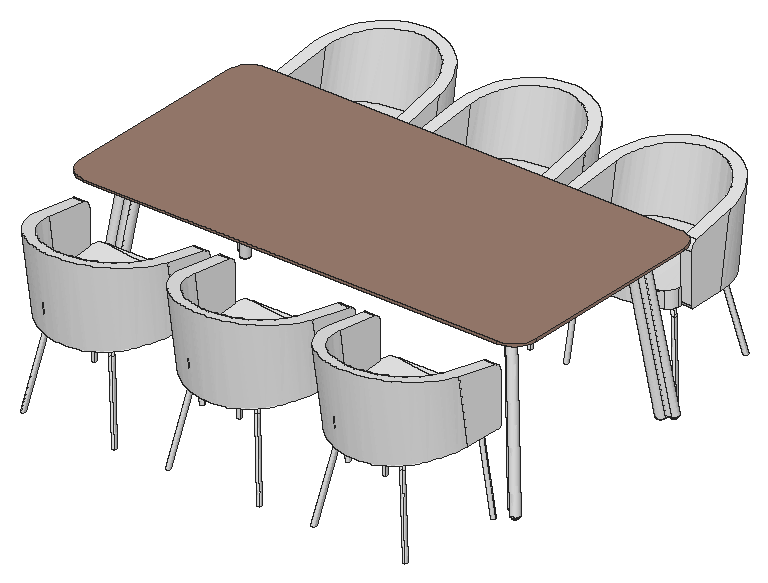
Revit family "T400048", category Furniture, Revit 2015
Parameters (values of type "T400048")
  URL = "https://ofs.com/"
  Model = "T400048"
  Manufacturer = "OFS"
  Description = "OFS TYPICAL T400048"
  Copyright © = "©OFS 2021"
  Catalog = "https://ofs.com/2020-experience"
  Authoring Version = "Autodesk Revit Architecture 2015"
  Assembly Code = "E2020400"
Reference planes
  plane 1 "Center Front/Back": y = 0
  plane 2: z = 0
  plane 3 "Center Left/Right": x = 0
Nested families
  nested 1: "APTOS ELEVATED RUNOFF WORKSURFACE SOFT RECTANGULAR - WOOD TOP" at (-43.324, 634.791, 0)
  nested 2: "APTOS DUFOIL LEGS" at (-1063.428, 489.759, 0) x (0.7071, 0.7071, 0) z (0, 0, 1)
  nested 3: "APTOS DUFOIL LEGS" at (-1051.148, -441.318, 0) x (-0.7071, 0.7071, 0) z (0, 0, 1)
  nested 4: "APTOS DUFOIL LEGS" at (979.855, -469.345, 0) x (-0.7071, -0.7071, 0) z (0, 0, 1)
  nested 5: "APTOS DUFOIL LEGS" at (962.052, 510.01, 0) x (0.8192, -0.5736, 0) z (0, 0, 1)
  nested 6: "Loewenstein_Cinque_Guest" at (-718.489, 814.955, 0)
  nested 7: "Loewenstein_Cinque_Guest" at (-717.429, -748.364, 0) x (-0.9999, 0.0138, 0) z (0, 0, 1)
  nested 8: "Loewenstein_Cinque_Guest" at (-38.216, 814.955, 0)
  nested 9: "Loewenstein_Cinque_Guest" at (-37.155, -748.364, 0) x (-0.9999, 0.0138, 0) z (0, 0, 1)
  nested 10: "Loewenstein_Cinque_Guest" at (642.058, 814.955, 0)
  nested 11: "Loewenstein_Cinque_Guest" at (643.118, -748.364, 0) x (-0.9999, 0.0138, 0) z (0, 0, 1)
Definition of nested family "APTOS ELEVATED RUNOFF WORKSURFACE SOFT RECTANGULAR - WOOD TOP"
  Parameters (values of type "APTOS ELEVATED RUNOFF WORKSURFACE SOFT RECTANGULAR 84" x42" - WOOD TOP")
    Width = 2133.6 mm
    Table Material = none
    Depth = 1066.8 mm
    Height = 28.575 mm
    Bottom Board Offset = 720.725 mm
  Reference planes
    plane 1 "Back End": y = -76.2
    plane 2: z = 0
    plane 3 "Center Left/Right": x = 0
    plane 4 "Left End": x = -1066.8
    plane 5 "Front End": y = -1143
    plane 6 "Right End": x = 1066.8
    plane 7 "Height Top": z = 749.3
    plane 8: z = 720.725
    plane 9 "Center Front/Back": y = -609.6
  Forms (mm)
    Extrusion 1, solid, material <- "Table Material"
      sketch origin (0, 0, 0) x (1, 0, 0) y (0, 1, 0)
        loop
          arc (-965.2, -76.2) -> (-1037.042, -105.958) -> (-1066.8, -177.8) r 101.6
          line (-1066.8, -177.8) -> (-1066.8, -1041.4)
          arc (-1066.8, -1041.4) -> (-1037.042, -1113.242) -> (-965.2, -1143) r 101.6
          line (-965.2, -1143) -> (965.2, -1143)
          arc (965.2, -1143) -> (1037.042, -1113.242) -> (1066.8, -1041.4) r 101.6
          line (1066.8, -1041.4) -> (1066.8, -177.8)
          arc (1066.8, -177.8) -> (1037.042, -105.958) -> (965.2, -76.2) r 101.6
          line (965.2, -76.2) -> (-965.2, -76.2)
      from 720.725 to 749.3
    Sweep 2, void
      path in 3D
        loop
          arc (-965.2, -76.2, 749.3) -> (-1037.042, -105.958, 749.3) -> (-1066.8, -177.8, 749.3) r 101.6
          line (-1066.8, -177.8, 749.3) -> (-1066.8, -1041.4, 749.3)
          arc (-1066.8, -1041.4, 749.3) -> (-1037.042, -1113.242, 749.3) -> (-965.2, -1143, 749.3) r 101.6
          line (-965.2, -1143, 749.3) -> (965.2, -1143, 749.3)
          arc (965.2, -1143, 749.3) -> (1037.042, -1113.242, 749.3) -> (1066.8, -1041.4, 749.3) r 101.6
          line (1066.8, -1041.4, 749.3) -> (1066.8, -177.8, 749.3)
          arc (1066.8, -177.8, 749.3) -> (1037.042, -105.958, 749.3) -> (965.2, -76.2, 749.3) r 101.6
          line (965.2, -76.2, 749.3) -> (-965.2, -76.2, 749.3)
      profile origin (0, -76.2, 749.3) x (0, -1, 0) y (0, 0, 1)
        loop
          line (0, -28.575) -> (50.8, -28.575) -> (0, -10.085) -> (0, -28.575)
  Cuts and joins
    Sweep 2 cuts Extrusion 1
  Dimensions and locks
    "Height": plane 7 "Height Top" to plane 8
    "Bottom Board Offset": plane 8 to level
    "Depth": plane 5 "Front End" to plane 1 "Back End"
    "Width": plane 4 "Left End" to plane 6 "Right End"
Definition of nested family "APTOS DUFOIL LEGS"
  Parameters (values of type "APTOS DUFOIL LEGS")
    Width = 101.6 mm
    Door Handle Material = none
    Depth = 222.25 mm
    Board Material = none
    Leg Caps Material = none
    Plate Thichness = 7.938 mm
    Height = 720.725 mm
  Reference planes
    plane 1 "Center Front/Back": y = 0
    plane 2: z = 0
    plane 3 "Center Left/Right": x = 0
    plane 4 "Left End": x = -50.8
    plane 5 "Front End": y = -222.25
    plane 6 "Right End": x = 50.8
    plane 7 "Height Top": z = 720.725
    plane 8: z = 712.788
  Forms (mm)
    Extrusion 1, solid, material <- "Door Handle Material"
      sketch origin (0, 0, 0) x (1, 0, 0) y (0, 1, 0)
        loop
          line (-50.8, -113.033) -> (-50.8, -209.55)
          arc (-50.8, -209.55) -> (-47.08, -218.53) -> (-38.1, -222.25) r 12.7
          line (-38.1, -222.25) -> (38.1, -222.25)
          arc (38.1, -222.25) -> (47.08, -218.53) -> (50.8, -209.55) r 12.7
          line (50.8, -209.55) -> (50.8, -113.033)
          arc (50.8, -113.033) -> (47.953, -105.021) -> (40.69, -100.6) r 12.7
          arc (40.69, -100.6) -> (0, -96.408) -> (-40.69, -100.6) r 199.558
          arc (-40.69, -100.6) -> (-47.953, -105.021) -> (-50.8, -113.033) r 12.7
      from 712.788 to 720.725
    Extrusion 2, solid, material <- "Door Handle Material"
      sketch origin (0, 0, 0) x (1, 0, 0) y (0, 1, 0)
        loop
          arc (15.664, -33.228) -> (0, 0.846) -> (-15.664, -33.228) r 20.638
          arc (-15.664, -33.228) -> (-11.072, -45.632) -> (-15.664, -58.035) r 19.05
          arc (-15.664, -58.035) -> (0, -92.11) -> (15.664, -58.035) r 20.638
          arc (15.664, -58.035) -> (11.072, -45.632) -> (15.664, -33.228) r 19.05
      from 11.113 to 14.288
    Revolve 3, solid, material <- "Leg Caps Material"
      sketch origin (0, -20.573, 0) x (1, 0, 0) y (0, 0, 1)
        loop
          line (0, 11.112) -> (-7.261, 11.112)
          arc (-7.261, 11.112) -> (-7.886, 10.988) -> (-8.416, 10.634) r 1.634
          line (-8.416, 10.634) -> (-13.653, 5.397)
          arc (-13.653, 5.397) -> (-14.123, 4.694) -> (-14.287, 3.866) r 2.165
          line (-14.287, 3.866) -> (-14.287, 2.155)
          arc (-14.287, 2.155) -> (-13.656, 0.631) -> (-12.132, 0) r 2.155
          line (-12.132, 0) -> (0, 0) -> (0, 11.112)
        axis (0, 0) -> (0, 11.112)
      angle from 0 to 360
    Blend 4, solid, material <- "Door Handle Material"
      base sketch origin (0, 0, 0) x (1, 0, 0) y (0, 1, 0)
        loop
          arc (15.664, -58.035) -> (11.072, -45.632) -> (15.664, -33.228) r 19.05
          arc (15.664, -33.228) -> (0, 0.846) -> (-15.664, -33.228) r 20.638
          arc (-15.664, -33.228) -> (-11.072, -45.632) -> (-15.664, -58.035) r 19.05
          arc (-15.664, -58.035) -> (0, -92.11) -> (15.664, -58.035) r 20.638
      top sketch origin (0, 0, 0) x (1, 0, 0) y (0, 1, 0)
        loop
          arc (15.664, -178.685) -> (11.072, -166.282) -> (15.664, -153.878) r 19.05
          arc (15.664, -153.878) -> (0, -119.804) -> (-15.664, -153.878) r 20.638
          arc (-15.664, -153.878) -> (-11.072, -166.282) -> (-15.664, -178.685) r 19.05
          arc (-15.664, -178.685) -> (0, -212.76) -> (15.664, -178.685) r 20.638
      from 14.288 to 712.788
  Dimensions and locks
    "Plate Thichness": plane 7 "Height Top" to plane 8
    "Height": plane 7 "Height Top" to level
    "Depth": plane 5 "Front End" to plane 1 "Center Front/Back"
    "Width": plane 4 "Left End" to plane 6 "Right End"
Definition of nested family "Loewenstein_Cinque_Guest"
  Parameters (values of type "Loewenstein_Cinque_Guest")
    Type = 1
    Mid_Back = Type = 1  # yes
    Low_Back = Type = 2  # no
    Back [instance] = none
    Seat [instance] = none
    Legs [instance] = none
    Copyright © = (locked) "© 2016 OFS BRANDS"
    Catalog = (locked) "Loewenstein"
    Authoring Version = (locked) "Autodesk Revit Architecture 2014"
  Reference planes
    plane 1 "Center (Front/Back)": y = 0
    plane 2: z = 0
    plane 3 "Center (Left/Right)": x = 0
    plane 4 "rrr": through (-62.426, -139.716, 420.755) normal (0.0223, 0.0194, 0.9996)
  Forms (mm)
    Blend 1, solid, material <- "Back", visible <- "Mid_Back"
      base sketch origin (0, 73.025, 373.063) x (0, 1, 0) y (-1, 0, 0)
        loop
          line (-367.387, 313.062) -> (-367.387, 264.171) -> (-107.02, 250.526)
          arc (-107.02, 250.526) -> (130.72, 0) -> (-107.02, -250.526) r 250.87
          line (-107.02, -250.526) -> (-367.387, -264.171) -> (-367.387, -313.062) -> (-125.045, -304.599)
          arc (-125.045, -304.599) -> (169.103, 0) -> (-125.045, 304.599) r 304.785
          line (-125.045, 304.599) -> (-367.387, 313.062)
      top sketch origin (0, 73.025, 373.063) x (0, 1, 0) y (-1, 0, 0)
        loop
          line (-367.387, 314.503) -> (-367.387, 259.984) -> (-11.937, 241.356)
          arc (-11.937, 241.356) -> (217.101, 0) -> (-11.937, -241.356) r 241.687
          line (-11.937, -241.356) -> (-367.387, -259.984) -> (-367.387, -314.503) -> (-25.874, -302.577)
          arc (-25.874, -302.577) -> (266.322, 0) -> (-25.874, 302.577) r 302.762
          line (-25.874, 302.577) -> (-367.387, 314.503)
      from -29.9 to 571.316
    Extrusion 2, void
      sketch origin (0, -34.925, 17.463) x (0, 1, 0) y (0, 0, 1)
        loop
          line (472.353, 776.227) -> (-154.422, 670.2)
          arc (-154.422, 670.2) -> (-177.036, 657.382) -> (-186.165, 633.043) r 38.1
          line (-186.165, 633.043) -> (-188.585, 407.794)
          arc (-188.585, 407.794) -> (-184.11, 396.599) -> (-173.046, 391.81) r 15.817
          line (-173.046, 391.81) -> (-39.048, 389.457)
          arc (-39.048, 389.457) -> (15.533, 388.238) -> (70.1, 386.5) r 5730.569
          arc (70.1, 386.5) -> (100.199, 384.421) -> (130.1, 380.4) r 466.338
          arc (130.1, 380.4) -> (301.467, 350.331) -> (472.353, 317.638) r 11343.528
          line (472.353, 317.638) -> (472.353, 776.227)
        loop
          line (626.172, 1059.534) -> (-440.628, 1059.534) -> (-440.628, 214.984) -> (626.172, 214.984) -> (626.172, 1059.534)
      from -429.06 to 381.972
    Sweep 3, solid, material <- "Seat"
      path origin (0, -34.896, 19.05) x (0, 1, 0) y (0, 0, 1)
        loop
          arc (417.111, 398.887) -> (272.38, 434.063) -> (123.689, 442.747) r 828.189
          arc (123.689, 442.747) -> (-62.778, 440.926) -> (-249.146, 447.288) r 4249.12
          arc (-249.146, 447.288) -> (-381.764, 445.1) -> (-512.671, 423.753) r 914.632
      profile origin (0, -97.674, 459.976) x (0, -0.012181, -0.999926) y (1, 0, 0)
        loop
          line (-67.411, -432.836) -> (24.109, -432.836)
          arc (24.109, -432.836) -> (69.037, -1.058) -> (24.542, 430.764) r 2107.384
          line (24.542, 430.764) -> (-67.821, 430.764)
          arc (-67.821, 430.764) -> (0.016, -1.004) -> (-67.411, -432.836) r 1412.241
    Extrusion 4, void
      sketch origin (0, 73.025, 373.063) x (0, 1, 0) y (-1, 0, 0)
        loop
          line (356.513, 443.571) -> (-659.487, 443.571) -> (-659.487, -489.879) -> (356.513, -489.879) -> (356.513, 443.571)
        loop
          arc (-350.974, 227.24) -> (-381.294, 0.539) -> (-354.997, -226.663) r 923.925
          arc (-354.997, -226.663) -> (-338.037, -252.237) -> (-308.656, -261.093) r 45.212
          line (-308.656, -261.093) -> (-98.229, -249.827)
          arc (-98.229, -249.827) -> (138.388, -0.449) -> (-97.737, 249.395) r 249.982
          line (-97.737, 249.395) -> (-304.741, 260.888)
          arc (-304.741, 260.888) -> (-333.852, 252.301) -> (-350.974, 227.24) r 45.212
      from -97.538 to 430.672
    Blend 5, solid, material <- "Back", visible <- "Low_Back"
      base sketch origin (0, 73.025, 373.063) x (0, 1, 0) y (-1, 0, 0)
        loop
          line (-367.387, 313.062) -> (-367.387, 264.171) -> (-107.02, 250.526)
          arc (-107.02, 250.526) -> (130.72, 0) -> (-107.02, -250.526) r 250.87
          line (-107.02, -250.526) -> (-367.387, -264.171) -> (-367.387, -313.062) -> (-125.045, -304.599)
          arc (-125.045, -304.599) -> (169.103, 0) -> (-125.045, 304.599) r 304.785
          line (-125.045, 304.599) -> (-367.387, 313.062)
      top sketch origin (0, 73.025, 373.063) x (0, 1, 0) y (-1, 0, 0)
        loop
          line (-367.387, 314.503) -> (-367.387, 259.984) -> (-11.937, 241.356)
          arc (-11.937, 241.356) -> (217.101, 0) -> (-11.937, -241.356) r 241.687
          line (-11.937, -241.356) -> (-367.387, -259.984) -> (-367.387, -314.503) -> (-25.874, -302.577)
          arc (-25.874, -302.577) -> (266.322, 0) -> (-25.874, 302.577) r 302.762
          line (-25.874, 302.577) -> (-367.387, 314.503)
      from -29.9 to 571.316
    Extrusion 6, void
      sketch origin (0, -34.925, 17.463) x (0, 1, 0) y (0, 0, 1)
        loop
          line (71.751, 670.2) -> (-148.073, 670.2)
          arc (-148.073, 670.2) -> (-174.869, 659.185) -> (-186.171, 632.51) r 38.1
          line (-186.171, 632.51) -> (-188.585, 407.794)
          arc (-188.585, 407.794) -> (-184.11, 396.599) -> (-173.046, 391.81) r 15.817
          line (-173.046, 391.81) -> (-39.048, 389.457)
          arc (-39.048, 389.457) -> (15.533, 388.238) -> (70.1, 386.5) r 5730.569
          arc (70.1, 386.5) -> (100.199, 384.421) -> (130.1, 380.4) r 466.338
          arc (130.1, 380.4) -> (301.467, 350.331) -> (472.353, 317.638) r 11343.528
          line (472.353, 317.638) -> (472.353, 839.282)
          arc (472.353, 839.282) -> (413.105, 828.393) -> (354.2, 841) r 154.42
          arc (354.2, 841) -> (342.55, 844.63) -> (330.4, 845.75) r 58.166
          arc (330.4, 845.75) -> (285.551, 842.481) -> (241.408, 833.905) r 377.629
          arc (241.408, 833.905) -> (218.64, 823.86) -> (200.322, 807.015) r 76.2
          line (200.322, 807.015) -> (106.778, 687.284)
          arc (106.778, 687.284) -> (91.237, 674.699) -> (71.751, 670.2) r 44.45
        loop
          line (626.172, 1059.534) -> (-440.628, 1059.534) -> (-440.628, 214.984) -> (626.172, 214.984) -> (626.172, 1059.534)
      from -540.788 to 437.01
    Sweep 7, solid, material <- "Legs"
      path origin (0, 107.95, 371.078) x (0, 1, 0) y (-1, 0, 0)
        loop
          line (-84.854, 22.647) -> (-85.797, 21.671)
          arc (-85.797, 21.671) -> (-98.317, 13.067) -> (-113.203, 10.038) r 38.1
          line (-113.203, 10.038) -> (-174.026, 10.038)
          arc (-174.026, 10.038) -> (-190.292, 14.321) -> (-202.341, 26.058) r 33.034
          line (-202.341, 26.058) -> (-213.401, 44.464)
      profile origin (-10.038, -35.665, 371.078) x (1, 0, 0) y (0, 0, 1)
        loop
          circle (0, 0) r 9.296
    Sweep 8, solid, material <- "Legs"
      path origin (-57.05, 48.873, 294.494) x (-0.534552, 0.446455, -0.717588) y (-0.483789, 0.534552, 0.692966)
        loop
          line (-85.797, 21.671) -> (-83.624, 23.921)
          arc (-83.624, 23.921) -> (-80.103, 27.664) -> (-76.682, 31.498) r 196.288
          line (-76.682, 31.498) -> (-5.066, 113.882)
      profile origin (-22.796, 23.24, 371.078) x (0.048457, 0.050179, 0.997564) y (0.692966, 0.717588, -0.069756)
        loop
          circle (0, 0) r 9.296
    Sweep 9, solid, material <- "Legs"
      path origin (-53.147, 52.899, 294.303) x (-0.497051, 0.485143, -0.719428) y (-0.516388, 0.500921, 0.694566)
        loop
          line (-6.812, 111.874) -> (4.837, 125.274)
          arc (4.837, 125.274) -> (33.098, 141.1) -> (64.972, 135.337) r 47.928
          line (64.972, 135.337) -> (394.928, -55.163)
      profile origin (-113.887, 111.816, 377.37) x (0.036348, -0.037509, 0.998635) y (0.69734, 0.716739, 0.001539)
        loop
          circle (0, 0) r 9.296
    Sweep 10, solid, material <- "Legs"
      path origin (94.902, -49.993, 529.25) x (0.508356, 0.153954, 0.847274) y (-0.694549, -0.508356, 0.509093)
        loop
          line (-210.501, 39.639) -> (-226.085, 65.574)
          arc (-226.085, 65.574) -> (-240.771, 91.736) -> (-253.887, 118.719) r 508
          line (-253.887, 118.719) -> (-287.11, 192.536)
      profile origin (-150.698, -170.751, 379.293) x (-0.178509, 0.068251, -0.981568) y (0.509093, -0.847274, -0.151498)
        loop
          circle (0, 0) r 9.296
    Sweep 11, solid, material <- "Legs"
      path origin (78.13, -22.725, 531.329) x (0.424689, 0.289985, 0.857641) y (-0.732205, -0.447131, 0.513759)
        loop
          line (-275.618, 167.003) -> (-287.919, 194.333)
          arc (-287.919, 194.333) -> (-309.941, 215.134) -> (-340.224, 214.372) r 39.742
          line (-340.224, 214.372) -> (-668.358, 69.349)
      profile origin (-173.82, -185.216, 382.492) x (-0.086759, -0.080923, -0.992937) y (0.532461, -0.846157, 0.022437)
        loop
          circle (0, 0) r 9.296
    Sweep 12, solid, material <- "Legs"
      path origin (0, 107.95, 371.078) x (0, 1, 0) y (-1, 0, 0)
        loop
          line (-84.854, -22.647) -> (-85.797, -21.671)
          arc (-85.797, -21.671) -> (-98.317, -13.067) -> (-113.203, -10.038) r 38.1
          line (-113.203, -10.038) -> (-174.026, -10.038)
          arc (-174.026, -10.038) -> (-190.292, -14.321) -> (-202.341, -26.058) r 33.034
          line (-202.341, -26.058) -> (-213.401, -44.464)
      profile origin (10.038, -35.665, 371.078) x (1, 0, 0) y (0, 0, 1)
        loop
          circle (0, 0) r 9.296
    Sweep 13, solid, material <- "Legs"
      path origin (57.05, 48.873, 294.494) x (0.534552, 0.446455, -0.717588) y (-0.483789, -0.534552, -0.692966)
        loop
          line (-85.797, -21.671) -> (-83.624, -23.921)
          arc (-83.624, -23.921) -> (-80.103, -27.664) -> (-76.682, -31.498) r 196.288
          line (-76.682, -31.498) -> (-5.066, -113.882)
      profile origin (22.796, 23.24, 371.078) x (0.048457, -0.050179, -0.997564) y (-0.692966, 0.717588, -0.069756)
        loop
          circle (0, 0) r 9.296
    Sweep 14, solid, material <- "Legs"
      path origin (53.147, 52.899, 294.303) x (0.497051, 0.485143, -0.719428) y (-0.516388, -0.500921, -0.694566)
        loop
          line (-6.812, -111.874) -> (4.837, -125.274)
          arc (4.837, -125.274) -> (33.098, -141.1) -> (64.972, -135.337) r 47.928
          line (64.972, -135.337) -> (394.928, 55.163)
      profile origin (113.887, 111.816, 377.37) x (0.036348, 0.037509, -0.998635) y (-0.69734, 0.716739, 0.001539)
        loop
          circle (0, 0) r 9.296
    Sweep 15, solid, material <- "Legs"
      path origin (-94.902, -49.993, 529.25) x (-0.508356, 0.153954, 0.847274) y (-0.694549, 0.508356, -0.509093)
        loop
          line (-210.501, -39.639) -> (-226.085, -65.574)
          arc (-226.085, -65.574) -> (-240.771, -91.736) -> (-253.887, -118.719) r 508
          line (-253.887, -118.719) -> (-287.11, -192.536)
      profile origin (150.698, -170.751, 379.293) x (-0.178509, -0.068251, 0.981568) y (-0.509093, -0.847274, -0.151498)
        loop
          circle (0, 0) r 9.296
    Sweep 16, solid, material <- "Legs"
      path origin (-78.13, -22.725, 531.329) x (-0.424689, 0.289985, 0.857641) y (-0.732205, 0.447131, -0.513759)
        loop
          line (-275.618, -167.003) -> (-287.919, -194.333)
          arc (-287.919, -194.333) -> (-309.941, -215.134) -> (-340.224, -214.372) r 39.742
          line (-340.224, -214.372) -> (-668.358, -69.349)
      profile origin (173.82, -185.216, 382.492) x (-0.086759, 0.080923, 0.992937) y (-0.532461, -0.846157, 0.022437)
        loop
          circle (0, 0) r 9.296
    Extrusion 17, void
      sketch origin (0, 0, 0) x (0, 1, 0) y (0, 0, 1)
        loop
          line (247.051, 0) -> (-286.349, 0) -> (-286.349, -50.8) -> (247.051, -50.8) -> (247.051, 0)
      from -374.759 to 377.639
  Cuts and joins
    Extrusion 2 cuts Blend 1
    Extrusion 4 cuts Sweep 3
    Extrusion 6 cuts Blend 5
    Extrusion 17 cuts Sweep 7
    Extrusion 17 cuts Sweep 8
    Extrusion 17 cuts Sweep 9
    Extrusion 17 cuts Sweep 10
    Extrusion 17 cuts Sweep 11
    joined: Sweep 7, Sweep 8, Sweep 9, Sweep 10, Sweep 11
    Extrusion 17 cuts Sweep 14
    Extrusion 17 cuts Sweep 16
    joined: Sweep 12, Sweep 13, Sweep 14, Sweep 15, Sweep 16
  Nested families
    nested 1: "Tag" at (2.446, 0, 0)
